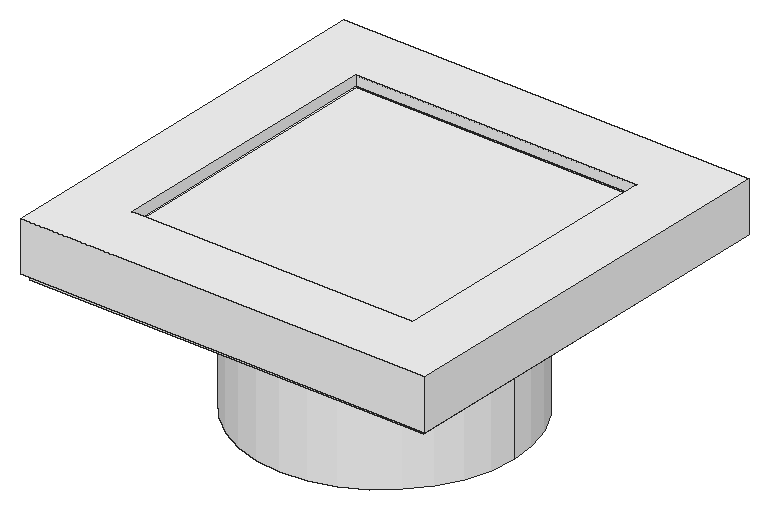
Revit family "Gira_014026", category Electrical Fixtures, host Face, Revit 2017
Family settings
  Host = Face
  Maintain Annotation Orientation = Yes
  Round Connector Dimension = Use Diameter
  Part Type = Normal
  Cut with Voids When Loaded = No
  Shared = No
  Room Calculation Point = No
Parameters (values of type "Hotel-card btn 2-way m-c (ill.) in.sp. System 55 c.alum.")
  With lighting = "No"
  White [instance] = White
  URL = "http://katalog.gira.de/en/datenblatt.html?artikelnr=014026"
  Type of fastening = "Mounting with claw and screw"
  Transparent = "No"
  Surface protection = "Other"
  Suitable for degree of protection (IP) = "IP20"
  Rated current = "10"
  Number of rockers = "1"
  Nominal voltage = "250"
  Name = "Hotel-card btn 2-way m-c (ill.) in.sp. System 55 c.alum."
  Mounting method = "Flush mounted (plaster)"
  Model = "Single push button"
  Method of operation = "Hotel card"
  Material quality = "Thermoplastic"
  Material = "Plastic"
  Manufacturer URL = "https://www.gira.de/"
  Manufacturer = "Gira"
  Label space/information surface = "Yes"
  Imprint = "None"
  HeinzeBIM = "https://bimportal.heinze.de/bim/hotel-card-btn-2-way-m-c-ill-in-sp-system-55-c-alum-/166dd060ea3274e7a81eb72ede11a1b2945661aa"
  Halogen free = "Yes"
  HAN = "014026"
  GTIN = "4010337140269"
  Feedback-signal contact = "No"
  Description = "Hotel-crd 2-w m-c cbi in.sp. Sys55 CAl,Hotel-card button 10 AX 250 V~ can be illuminated with inscription space,2-way momentary-contact, 1-pole,colour aluminium,Features:,- Applications of the hotel-card button with disassembly safeguard include performing security and energy-saving functions.,- When the hotel card is removed, any devices which are still switched on are deactivated.,- The electric circuit via the push button is only activated when the card has been inserted.,,Notes :,- Further versions are available upon request."
  Default Elevation = 1219.2 mm
  Data sheet (1) = "https://katalog.gira.de/en/download.html?artikelnr=014026"
  Contacts = "1 change-over contact"
  Colour = "Aluminium"
  Category = "Push-switch button"
  BIM (1) = "https://media.stage.bim.site/public/gira/36a6b08/Sys55_Komplettgerät_Schalten und Tasten.rfa?public/gira/36a6b08/Sys55_Komplettgerät_Schalten und Tasten.rfa"
  Available = "No"
  Assembly arrangement = "Basic element with central cover plate"
Reference planes
  plane 1 "Center (Front/Back)": y = 0
  plane 2: z = 0
  plane 3 "Center (Left/Right)": x = 0
Forms (mm)
  Extrusion 1, solid, material "White" <- "White", detail levels medium
    sketch origin (0, 0, 0) x (1, 0, 0) y (0, 1, 0)
      loop
        line (-40.4, 40.4) -> (-40.4, -40.4) -> (40.4, -40.4) -> (40.4, 40.4) -> (-40.4, 40.4)
      loop
        line (-28, 28) -> (-28, -28) -> (28, -28) -> (28, 28) -> (-28, 28)
    from 0 to 10
  Extrusion 2, solid, material "White" <- "White", detail levels fine
    sketch origin (0, 0, 0) x (1, 0, 0) y (0, 1, 0)
      loop
        line (-40.4, 40.4) -> (-40.4, -40.4) -> (40.4, -40.4) -> (40.4, 40.4) -> (-40.4, 40.4)
      loop
        line (-28, 28) -> (-28, -28) -> (28, -28) -> (28, 28) -> (-28, 28)
    from 0 to 10
  Extrusion 3, void
    sketch origin (0, 0, 0) x (1, 0, 0) y (0, 1, 0)
      loop
        line (-38.4, 38.4) -> (-38.4, -38.4) -> (38.4, -38.4) -> (38.4, 38.4) -> (-38.4, 38.4)
    from 0 to 8
  Extrusion 4, solid, material "White" <- "White", detail levels medium+fine
    sketch origin (0, 0, 0) x (1, 0, 0) y (0, 1, 0)
      loop
        line (-39.4, 39.4) -> (-39.4, -39.4) -> (39.4, -39.4) -> (39.4, 39.4) -> (-39.4, 39.4)
    from 0 to -1
  Extrusion 5, solid, material "White" <- "White", detail levels medium+fine
    sketch origin (0, 0, 0) x (1, 0, 0) y (0, 1, 0)
      loop
        line (-35.5, 35.5) -> (-35.5, -35.5) -> (35.5, -35.5) -> (35.5, 35.5) -> (-35.5, 35.5)
    from -2 to -3
  Extrusion 6, solid, material "White" <- "White", detail levels medium+fine
    sketch origin (0, 0, 0) x (1, 0, 0) y (0, 1, 0)
      loop
        circle (0, 0) r 26
    from 0 to -27.5
  Extrusion 7, solid, material "White" <- "White", detail levels coarse
    sketch origin (0, 0, 0) x (1, 0, 0) y (0, 1, 0)
      loop
        line (-40.4, 40.4) -> (-40.4, -40.4) -> (40.4, -40.4) -> (40.4, 40.4) -> (-40.4, 40.4)
    from -27.5 to 10
Cuts and joins
  Extrusion 3 cuts Extrusion 2
Dimensions and locks
  aligned and locked: plane 2 to host face
  aligned and locked: level to host face
  aligned and locked: plane 3 "Center (Left/Right)" to nested 2
  aligned and locked: plane 1 "Center (Front/Back)" to nested 2
Nested families
  nested 1: "Sys55_Abdeckung_Schalten und Tasten_floor_base" at (0, 0, 0), type "Sys55_Abdeckung_Schalten und Tasten_floor_base"
  nested 2: "Schalter" at (0, 0, 0), type "Schalter"
Connectors
  electrical at (0, 0, -27.5)
    settings: on Extrusion 6, index 1, voltage 220 V, apparent load 0 VA, apparent load phase1 0 VA, apparent load phase2 0 VA, apparent load phase3 0 VA, power factor 1, load classification "Other", number of poles 1, system type 30, power factor state 1, is connector primary yes, connector utility no, sub classification motor no, connector description ""
Definition of nested family "Sys55_Abdeckung_Schalten und Tasten_floor_base"
  Parameters
    Default Elevation = 1219.2 mm
    White [instance] = none
  Reference planes
    plane 1 "Center (Front/Back)": y = 0
    plane 2: z = 0
    plane 3 "Center (Left/Right)": x = 0
  Forms (mm)
    Extrusion 1, solid
      sketch origin (0, 0, 0) x (1, 0, 0) y (0, 1, 0)
        loop
          line (-1219.2, 1219.2) -> (-1219.2, -1219.2) -> (1219.2, -1219.2) -> (1219.2, 1219.2) -> (-1219.2, 1219.2)
      from 0 to -304.8
    Extrusion 2, solid, material <- "White", detail levels fine
      sketch origin (0, 0, 0) x (1, 0, 0) y (0, 1, 0)
        loop
          line (-27.5, 27.5) -> (-27.5, -27.5) -> (27.5, -27.5) -> (27.5, 27.5) -> (-27.5, 27.5)
      from 0 to 8
    Extrusion 3, void
      sketch origin (0, 0, 0) x (1, 0, 0) y (0, 1, 0)
        loop
          line (26, 26) -> (-26, 26) -> (-26, -26) -> (26, -26) -> (26, 26)
      from 0 to 6
    Extrusion 4, solid, material <- "White", detail levels medium
      sketch origin (0, 0, 0) x (1, 0, 0) y (0, 1, 0)
        loop
          line (-27.5, 27.5) -> (-27.5, -27.5) -> (27.5, -27.5) -> (27.5, 27.5) -> (-27.5, 27.5)
      from 0 to 8
    Extrusion 5, solid, material <- "White", detail levels medium
      sketch origin (0, 0, 0) x (1, 0, 0) y (0, 1, 0)
        loop
          line (11, -17.5) -> (11, 17.5) -> (-11, 17.5) -> (-11, -17.5) -> (11, -17.5)
      from -6 to 6
    Extrusion 6, solid, material <- "White", detail levels fine
      sketch origin (0, 0, 0) x (1, 0, 0) y (0, 1, 0)
        loop
          line (11, 17.5) -> (-11, 17.5) -> (-11, 16.5) -> (11, 16.5) -> (11, 17.5)
        loop
          line (-11, -16.5) -> (-11, -17.5) -> (11, -17.5) -> (11, -16.5) -> (-11, -16.5)
      from -4 to 6
    Extrusion 7, solid, material <- "White", detail levels fine
      sketch origin (0, 0, 0) x (1, 0, 0) y (0, 1, 0)
        loop
          arc (5, 9.347) -> (0, 10.6) -> (-5, 9.347) r 10.6
          line (-5, 9.347) -> (-5, -9.347)
          arc (-5, -9.347) -> (0, -10.6) -> (5, -9.347) r 10.6
          line (5, -9.347) -> (5, 9.347)
      from -6 to 6
    Extrusion 8, solid, material <- "White", detail levels coarse
      sketch origin (0, 0, 0) x (1, 0, 0) y (0, 1, 0)
        loop
          line (-27.5, 27.5) -> (-27.5, -27.5) -> (27.5, -27.5) -> (27.5, 27.5) -> (-27.5, 27.5)
      from -6 to 8
  Cuts and joins
    Extrusion 3 cuts Extrusion 2
  Dimensions and locks
    aligned and locked: plane 2 to Extrusion 1
    aligned and locked: level to Extrusion 1
Definition of nested family "Schalter"
  Reference planes
    plane 1: y = 0
    plane 2: x = 0
  Lines and regions (mm)
    detail lines
      curve 1: circle (1.375, 2.778, 0) r 0.8 normal (0, 0, 1)
      curve 2: line (1.021, 2.061, 0) -> (0, 0, 0)
      curve 3: line (0, 0, 0) -> (-0.538, 0.266, 0)
  Dimensions and locks
    curve 2 to curve 2 = 2.3 mm
    curve 3 to curve 2 = 0.6 mm
    radius of curve 1 = 0.8 mm
